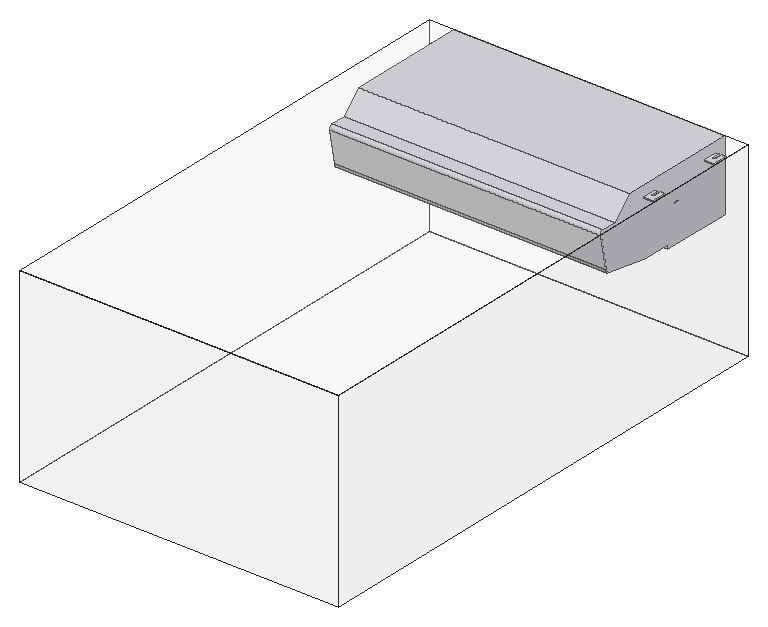
Revit family "pcfy-mp80_140hm_50hz", category 機械設備, Revit 2019
Family settings
  丸型コネクタ寸法 = 直径を使用
  パーツ タイプ = 標準
  OmniClass 番号 = 23.75.10.24.21.27.27
  OmniClass タイトル = Split System Air Conditioning Units
  作業面ベース = いいえ
  常に垂直 = はい
  ロード時にボイドで切り取り = いいえ
  共有 = いいえ
  部屋計算ポイント = はい
Parameters (values of type "PCFY-MP80HM")
  風量_強 (m3/min) = 19
  風量_弱 (m3/min) = 14
  風量_中2 (m3/min) = 16
  風量_中 (m3/min) = 17
  風量 = MAX風量  # 1140.0 m³/h
  音響パワーレベル(dB) = 57
  電源種別 = ""
  電源_H = 0 mm
  電圧 = 200 V
  電動機出力_送風機 = 0.09 kW
  運転質量 = 0.00 kg
  連動 = ""
  質量 = if(製品質量 > 運転質量, 製品質量, 運転質量) * 1.2  # 46.80 kg
  負荷分類 = 3_ファン類
  構成品番 = ""
  冷媒液管位置 = 180 mm
  冷媒ガス管位置 = 202 mm
  ドレン管径 (外径) = 32 mm
  【値が 0 の項目は組合せ形名にてご確認ください】 = ""
  MIN風量 = [風量_弱 (m3/min)] * 60.0 m³/h  # 840.0 m³/h
  MAX風量 = [風量_強 (m3/min)] * 60.0 m³/h  # 1140.0 m³/h
  サービススペース = yes
  ケーブルサイズ = 0 mm
  Version = ""
  URL = "https://www.mitsubishielectric.co.jp/ldg/wink/qr/002/357217/"
  Line = not(Width = 1136 mm)  # no
  説明 = "ビル用マルチ 天吊形室内機(厨房用)"
  設計暖房能力 = 0.00 kW
  設計冷房能力_顕熱 = 0 kW
  設計冷房能力 = 0 kW
  設置方法 = "天井吊（露出）形"
  記号 = ""
  製造元 = "三菱電機株式会社"
  製品質量 = 39.00 kg
  製品出荷対象 = "国内"
  製品リリース年月 = "2026/03/31"
  製品グループ = ""
  系統 = ""
  符号 = "ACP_CRK"
  積算_科目 = "1 空気調和設備"
  積算_拾い区分 [instance] = ""
  相 = 1
  盤記号 = ""
  発停方法 = "別売リモコン"
  特殊仕様 = ""
  火災停止 = ""
  消費電力_暖房 = 0.05 kW
  消費電力_冷房 = 0.05 kW
  消費電力 = if(消費電力_冷房 > 消費電力_暖房, 消費電力_冷房, 消費電力_暖房)  # 0.05 kW
  法定耐用年数 = "6"
  極数 = 3
  材質 = ""
  本体マテリアル = none
  有効加湿量 = 0
  暖房能力 = 9.00 kW
  推奨ブレーカー容量 = 0 A
  形式_加湿器 = ""
  形式 = "厨房用天井吊（露出）形"
  幹線記号 = ""
  始動方式 = "インバータ"
  呼称 = "マルチパッケージ形空気調和機_屋内機"
  周波数 = 50 Hz
  吊り位置Y = 320 mm
  吊り位置X = 1180 mm
  吊りボルト_H = 43 mm
  台数_手元リモコン = ""
  台数_冷媒分岐ユニット = ""
  参照している仕様書等のバージョン = "公共建築工事標準仕様書（機械設備工事編）平成31年度版"
  加湿給水管径 = 0.00 mm
  分類コード = "50053003221080"
  分類グループ = ""
  冷房能力 = 8 kW
  冷媒高低圧ガス管径 = 0.00 mm
  冷媒管径符号 = "Bd"
  冷媒管径 = 100.00 mm
  冷媒液管高さ = 165 mm
  冷媒液管径 = 9.52 mm
  冷媒ガス管高さ = 165 mm
  冷媒ガス管径 = 15.88 mm
  企業コード = "108420"
  付属品_フィルター = ""
  付属品 = ""
  モデル = "PCFY-MP80HM"
  パネルマテリアル = none
  ドレン管高さ = 254 mm
  ドレン管径 = 25.00 mm
  コメント [instance] = ""
  ケーブル種類 = ""
  Width = 1136 mm
  Uniclass2015Version = "Systems v1.9"
  Uniclass2015Title = "Split coil remote air cooled condensing units"
  Uniclass2015Code = "Pr_70_65_03_84"
  SpecificationReference = ""
  SpecificationDescription = ""
  S_H = 296 mm
  Revision = ""
  ProductInformation = ""
  OmniClassCode = "23-33 17 13 11"
  IfcTypeProduct = ""
  IfcProduct = ""
  IfcExportType = "AIRCONDITIONINGUNIT"
  IfcExportAs = "IfcUnitaryEquipmentType"
  Height = 312 mm
  Depth = 650 mm
  価格 = 0
  Clearance Top = 2 mm
  Clearance Right = 100 mm
  Clearance Left = 100 mm
  Clearance Front = 1500 mm
  Clearance Bottom = 500 mm
  Clearance Back = 0 mm
  BLCJ仕様バージョン = "2.0"
  Author = "三菱電機株式会社"
Types (2, lengths in mm): name | 風量_強 (m3/min) | 風量_弱 (m3/min) | 風量_中2 (m3/min) | 風量_中 (m3/min) | 風量 | 音響パワーレベル(dB) | 電動機出力_送風機 | 質量 | MIN風量 | MAX風量 | URL | Line | 製品質量 | 消費電力_暖房 | 消費電力_冷房 | 消費電力 | 暖房能力 | 吊り位置X | 冷房能力 | モデル | Width
  PCFY-MP80HM | 19 | 14 | 16 | 17 | 1140.0 m³/h | 57 | 0.09 kW | 46.80 kg | 840.0 m³/h | 1140.0 m³/h | "https://www.mitsubishielectric.co.jp/ldg/wink/qr/002/357217/" | no | 39.00 kg | 0.05 kW | 0.05 kW | 0.05 kW | 9.00 kW | 1180 | 8 kW | "PCFY-MP80HM" | 1136
  PCFY-MP140HM | 38 | 28 | 31 | 35 | 2280.0 m³/h | 69 | 0.16 kW | 62.40 kg | 1680.0 m³/h | 2280.0 m³/h | "https://www.mitsubishielectric.co.jp/ldg/wink/qr/002/357214/" | yes | 52.00 kg | 0.19 kW | 0.19 kW | 0.19 kW | 16.00 kW | 1564 | 14 kW | "PCFY-MP140HM" | 1520
Reference planes
  plane 1 "中心(正面/背面)": y = 0
  plane 2: z = 0
  plane 3 "中心(左/右)": x = 0
  plane 4: x = 523
  plane 5: z = 3835
  plane 6: x = 438
  plane 7: z = 3835
  plane 8: x = 463
  plane 9: z = 3746
  plane 10: x = 668
  plane 11: x = 568
  plane 12: x = -668
  plane 13: x = -568
  plane 14: y = -650
  plane 15: z = -280
  plane 16: y = -2150
  plane 17: x = -590
  plane 18: x = 590
  plane 19: z = -796
  plane 20 "下面": z = -296
  plane 21: x = 558.3
  plane 22: y = -80
  plane 23: y = -400
  plane 24: y = -330
  plane 25: y = -202
  plane 26: y = -180
  plane 27: y = -70
  plane 28: z = -43
  plane 29: z = -165
  plane 30: z = -254
  plane 31: x = 523
  plane 32: x = 438
  plane 33: x = 463
  plane 34: x = 463
  plane 35: z = 3746
  plane 36: z = 2
  plane 37: z = -95
  plane 38: z = -165
  plane 39: z = -312
Forms (mm)
  Extrusion 1, solid, detail levels fine
    sketch origin (0, -325, -4000) x (0, 1, 0) y (0, 0, 1)
      loop
        line (325, 4000) -> (-171.734, 4000) -> (-246.938, 3924.796) -> (-313.202, 3924.796)
        arc (-313.202, 3924.796) -> (-322.395, 3920.509) -> (-325.02, 3910.712) r 12
        line (-325.02, 3910.712) -> (-299.97, 3768.648)
        arc (-299.97, 3768.648) -> (-294.972, 3759.046) -> (-285.369, 3754.047) r 18
        line (-285.369, 3754.047) -> (-92.277, 3720) -> (30.069, 3720) -> (30.069, 3704) -> (325, 3704) -> (325, 4000)
    from -568 to 568
  Extrusion 2, solid, detail levels fine
    sketch origin (0, 0, 0) x (0, 0, -1) y (-1, 0, 0)
      loop
        circle (166.005, -523) r 7.94
    from -325 to -197
  Extrusion 3, solid, detail levels fine
    sketch origin (0, 0, 0) x (0, 0, -1) y (-1, 0, 0)
      loop
        circle (166.005, -438) r 4.76
    from -180 to -325
  Extrusion 4, solid, detail levels fine
    sketch origin (0, 0, 0) x (0, 0, -1) y (-1, 0, 0)
      loop
        circle (255.005, -463) r 16
    from -70 to -325
  Extrusion 5, solid, detail levels fine
    sketch origin (0, 0, -4000) x (1, 0, 0) y (0, 1, 0)
      loop
        line (568, -370) -> (568, -430) -> (612, -430) -> (612, -370) -> (595, -370) -> (595, -400)
        arc (595, -400) -> (590, -405) -> (585, -400) r 5
        line (585, -400) -> (585, -370) -> (568, -370)
    from 3954.5 to 3959.5
  Extrusion 6, solid, detail levels fine
    sketch origin (0, 320, -4000) x (1, 0, 0) y (0, 1, 0)
      loop
        line (568, -370) -> (568, -430) -> (612, -430) -> (612, -370) -> (595, -370) -> (595, -400)
        arc (595, -400) -> (590, -405) -> (585, -400) r 5
        line (585, -400) -> (585, -370) -> (568, -370)
    from 3954.5 to 3959.5
  Extrusion 7, solid, detail levels fine
    sketch origin (-1180, 0, -4000) x (1, 0, 0) y (0, 1, 0)
      loop
        line (568, -370) -> (568, -430) -> (612, -430) -> (612, -370) -> (595, -370) -> (595, -400)
        arc (595, -400) -> (590, -405) -> (585, -400) r 5
        line (585, -400) -> (585, -370) -> (568, -370)
    from 3954.5 to 3959.5
  Extrusion 8, solid, detail levels fine
    sketch origin (-1180, 320, -4000) x (1, 0, 0) y (0, 1, 0)
      loop
        line (568, -370) -> (568, -430) -> (612, -430) -> (612, -370) -> (595, -370) -> (595, -400)
        arc (595, -400) -> (590, -405) -> (585, -400) r 5
        line (585, -400) -> (585, -370) -> (568, -370)
    from 3954.5 to 3959.5
  Extrusion 9, solid, detail levels fine
    sketch origin (-3.482, 0, 0) x (1, 0, 0) y (0, 0, 1)
      loop
        circle (483.982, -165) r 50
    from 0 to 5
  Extrusion 10, solid, detail levels fine
    sketch origin (0, 160, 0) x (0, 0, -1) y (-1, 0, 0)
      loop
        circle (254.005, -463) r 16
    from -290 to -160
  Extrusion 11, solid
    sketch origin (0, 0, -296) x (-1, 0, 0) y (0, -1, 0)
      loop
        circle (-192, 243) r 12.5
    from 0 to -16
  Extrusion 12, solid
    sketch origin (-384, 0, -296) x (-1, 0, 0) y (0, -1, 0)
      loop
        circle (-192, 243) r 12.5
    from 0 to -16
Lines and regions (mm)
  model lines, detail levels fine
    curve 1: line (-493, -647.647, -102.744) -> (-493, -628.546, -211.073)
    curve 2: line (493, -647.647, -102.744) -> (493, -628.546, -211.073)
    curve 3: line (-493, -647.647, -102.744) -> (493, -647.647, -102.744)
    curve 4: line (493, -628.546, -211.073) -> (-493, -628.546, -211.073)
Dimensions and locks
  equal spacing: plane 13, plane 3 "中心(左/右)", plane 11
  "Width": plane 13 to plane 11
  "Clearance Right": plane 11 to plane 10
  "Clearance Left": plane 12 to plane 13
  "Depth": plane 14 to plane 1 "中心(正面/背面)"
  "Clearance Front": plane 16 to plane 14
  equal spacing: plane 17, plane 3 "中心(左/右)", plane 18
  "吊り位置X": plane 17 to plane 18
  "S_H": level to plane 20 "下面"
  locked: plane 21 to plane 11 at 9.7
  locked: plane 22 to plane 1 "中心(正面/背面)" at 80
  "吊り位置Y": plane 22 to plane 23
  "冷媒液管位置": plane 26 to plane 1 "中心(正面/背面)"  (x2)
  "冷媒ガス管位置": plane 25 to plane 1 "中心(正面/背面)"  (x2)
  plane 24 to plane 25 = 128 mm
  plane 24 to plane 26 = 150 mm
  "Clearance Bottom": plane 20 "下面" to plane 19
  "吊りボルト_H": level to plane 28
  level to plane 29 = 165 mm
  level to plane 30 = 254 mm
  plane 31 to plane 11 = 45 mm
  plane 32 to plane 31 = 85 mm
  plane 33 to plane 11 = 105 mm
  "Clearance Back": plane 1 "中心(正面/背面)" to nested 1
  equal spacing: plane 32, Extrusion 9 sketch curve, plane 31
  "Clearance Top": plane 36 to plane 2
  "冷媒ガス管高さ": plane 2 to plane 29
  "冷媒液管高さ": Extrusion 1 to plane 38
  "Height": plane 2 to plane 39
  "冷媒液管径": diameter of Extrusion 3 sketch curve
  "冷媒ガス管径": diameter of Extrusion 2 sketch curve
  "ドレン管径 (外径)": diameter of Extrusion 4 sketch curve
  "ドレン管径 (外径)": diameter of Extrusion 10 sketch curve
  aligned and locked: level to plane 2
  aligned and locked: plane 11 to Extrusion 1
  aligned and locked: plane 13 to Extrusion 1
  aligned and locked: plane 12 to nested 1
  aligned and locked: nested 1 to plane 10
  aligned and locked: plane 17 to nested 2
  aligned and locked: nested 2 to plane 18
  aligned and locked: plane 20 "下面" to Extrusion 1
  aligned and locked: plane 21 to nested 3
  aligned and locked: nested 1 to plane 16
  aligned and locked: plane 22 to nested 2
  aligned and locked: plane 23 to nested 2
  aligned and locked: plane 1 "中心(正面/背面)" to nested 1
  aligned and locked: plane 36 to nested 1
  aligned and locked: plane 26 to Extrusion 3
  aligned and locked: plane 19 to nested 1
  aligned and locked: Extrusion 1 to nested 3
Automatic sketch dimensions
  Extrusion 1 sketch curve to level = 0 mm
  Extrusion 1 sketch curve to plane 15 = 0 mm
  Extrusion 1 sketch curve to plane 20 "下面" = 0 mm
  Extrusion 1 sketch curve to plane 1 "中心(正面/背面)" = 0 mm
  plane 24 to Extrusion 1 sketch curve = 35.069 mm
  Extrusion 1 sketch curve to plane 23 = 17.277 mm
  Extrusion 1 sketch curve to plane 23 = 96.734 mm
  plane 37 to Extrusion 1 sketch curve = 19.796 mm
  plane 14 to Extrusion 1 sketch curve = 78.062 mm
  plane 14 to Extrusion 1 sketch curve = 42.756 mm
  plane 30 to Extrusion 1 sketch curve = 8.047 mm
  Extrusion 1 sketch curve to Extrusion 1 sketch curve = 3.126 mm
  Extrusion 1 sketch curve to Extrusion 1 sketch curve = 17.727 mm
  plane 14 to Extrusion 1 sketch curve = 11.798 mm
  Extrusion 1 sketch curve to plane 14 = 0.02 mm
  Extrusion 1 sketch curve to Extrusion 1 sketch curve = 14.601 mm
  plane 37 to Extrusion 1 sketch curve = 5.712 mm
  Extrusion 1 to curve 3 = 13.664 mm
  curve 2 to Extrusion 1 = 20.591 mm
  Extrusion 1 to curve 1 = 75 mm
  Extrusion 1 to curve 3 = 75 mm
  Extrusion 5 sketch curve to plane 11 = 0 mm
  Extrusion 5 sketch curve to plane 23 = 0 mm
  Extrusion 5 sketch curve to plane 18 = 0 mm
  plane 18 to Extrusion 5 sketch curve = 5 mm
  Extrusion 5 sketch curve to plane 18 = 22 mm
  Extrusion 5 sketch curve to plane 23 = 30 mm
  plane 23 to Extrusion 5 sketch curve = 30 mm
  Extrusion 5 sketch curve to Extrusion 5 sketch curve = 0 mm
  Extrusion 6 sketch curve to plane 11 = 0 mm
  Extrusion 6 sketch curve to plane 22 = 0 mm
  Extrusion 6 sketch curve to plane 18 = 0 mm
  plane 18 to Extrusion 6 sketch curve = 5 mm
  Extrusion 6 sketch curve to plane 18 = 22 mm
  Extrusion 6 sketch curve to plane 22 = 30 mm
  plane 27 to Extrusion 6 sketch curve = 20 mm
  Extrusion 6 sketch curve to Extrusion 6 sketch curve = 0 mm
  Extrusion 7 sketch curve to plane 23 = 0 mm
  Extrusion 7 sketch curve to plane 17 = 0 mm
  Extrusion 7 sketch curve to plane 13 = 0 mm
  Extrusion 7 sketch curve to plane 17 = 5 mm
  Extrusion 7 sketch curve to plane 17 = 22 mm
  Extrusion 7 sketch curve to plane 23 = 30 mm
  plane 23 to Extrusion 7 sketch curve = 30 mm
  Extrusion 7 sketch curve to Extrusion 7 sketch curve = 0 mm
  Extrusion 8 sketch curve to plane 22 = 0 mm
  Extrusion 8 sketch curve to plane 17 = 0 mm
  Extrusion 8 sketch curve to plane 13 = 0 mm
  Extrusion 8 sketch curve to plane 17 = 5 mm
  Extrusion 8 sketch curve to plane 17 = 22 mm
  Extrusion 8 sketch curve to plane 22 = 30 mm
  plane 27 to Extrusion 8 sketch curve = 20 mm
  Extrusion 8 sketch curve to Extrusion 8 sketch curve = 0 mm
  Extrusion 9 sketch curve to plane 29 = 0 mm
  Extrusion 12 sketch curve to plane 3 "中心(左/右)" = 192 mm
  plane 3 "中心(左/右)" to Extrusion 11 sketch curve = 192 mm
  Extrusion 11 sketch curve to plane 25 = 41 mm
  Extrusion 12 sketch curve to plane 25 = 41 mm
  Extrusion 1 to Extrusion 2 sketch curve = 45 mm
  Extrusion 2 sketch curve to Extrusion 1 = 129.995 mm
  Extrusion 3 sketch curve to Extrusion 1 = 129.995 mm
  Extrusion 1 to Extrusion 3 sketch curve = 130 mm
  Extrusion 4 sketch curve to Extrusion 1 = 40.995 mm
  Extrusion 1 to Extrusion 4 sketch curve = 105 mm
  plane 33 to Extrusion 10 sketch curve = 0 mm
  Extrusion 10 sketch curve to plane 30 = 0.005 mm
  radius of Extrusion 9 sketch curve = 50 mm
  radius of Extrusion 11 sketch curve = 12.5 mm
  radius of Extrusion 12 sketch curve = 12.5 mm
Nested families
  nested 1: "サービススペース" at (0, -1075, -397), visible <- "サービススペース", type "サービススペース"
    with Width 1336 mm, Height 798 mm, Depth 2150 mm
  nested 2: "固定点" at (-590, -400, 0), type "固定点"
    with W 1180 mm, D 320 mm
  nested 3: "吸込口" at (-192, 0, -4000), Width <- "Width", type "吸込口"
    with Width 1136 mm, Line no
Connectors
  piping at (480.5, 0, -165), diameter 100, driven by "冷媒管径", driven by "冷媒管径符号"
    settings: on Extrusion 9, index 1, connector inside diameter 609.60 mm, connector length 0 mm, flow factor 0, pipe flow 0.0 L/s, pressure drop 0.0 Pa, fitting loss kfactor 0, connector angle 0.00°, fixture units 0, engagement length 0 mm, angle of deflection 0.00°, flow configuration 1, flow direction 1, fitting loss method 4, system type 7, joint type 0, gender type 0, connector reference index -1, connector utility 0, adjustable connector no, is connector primary yes, connector description "Bd"
  piping at (463, -130, -254.005), diameter 32, driven by "ドレン管径 (外径)"
    settings: on Extrusion 10, index 2, connector inside diameter 609.60 mm, connector length 0 mm, flow factor 0, pipe flow 0.0 L/s, pressure drop 0.0 Pa, fitting loss kfactor 0, connector angle 0.00°, fixture units 0, engagement length 0 mm, angle of deflection 0.00°, flow configuration 1, flow direction 2, fitting loss method 4, system type 16, joint type 0, gender type 0, connector reference index -1, connector utility 0, adjustable connector no, is connector primary no, connector description ""
  electrical at (0, 0, -148), driven by "極数", driven by "負荷分類", driven by "電圧", driven by "消費電力"
    settings: on Extrusion 1, index 3, voltage 200 V, apparent load 50 VA, apparent load phase1 0 VA, apparent load phase2 0 VA, apparent load phase3 0 VA, power factor 1, load classification "3_ファン類", number of poles 3, system type 30, power factor state 1, is connector primary yes, connector utility no, sub classification motor no, connector description ""
Definition of nested family "サービススペース"
  Parameters (values of type "サービススペース")
    Width [instance] = 500 mm
    Height [instance] = 500 mm
    Depth [instance] = 500 mm
  Reference planes
    plane 1 "中心(正面/背面)": y = 0
    plane 2: z = 0
    plane 3 "中心(左/右)": x = 0
    plane 4: y = -250
    plane 5: x = 250
    plane 6: y = 250
    plane 7: x = -250
    plane 8: z = 250
    plane 9: z = -250
  Forms (mm)
    Extrusion 1, solid
      sketch origin (-638.939, 0, 72.39) x (1, 0, 0) y (0, 1, 0)
        loop
          line (388.939, 250) -> (388.939, -250) -> (888.939, -250) -> (888.939, 250) -> (388.939, 250)
      from -322.39 to 177.61
  Lines and regions (mm)
    symbolic lines
      curve 1: line (-250, 0, 250) -> (250, 0, 250)
      curve 2: line (-250, 0, -250) -> (-250, 0, 250)
      curve 3: line (250, 0, -250) -> (-250, 0, -250)
      curve 4: line (250, 0, 250) -> (250, 0, -250)
      curve 5: line (0, -250, 250) -> (0, 250, 250)
      curve 6: line (0, -250, -250) -> (0, -250, 250)
      curve 7: line (0, 250, -250) -> (0, -250, -250)
      curve 8: line (0, 250, 250) -> (0, 250, -250)
      curve 9: line (-250, 250, 0) -> (250, 250, 0)
      curve 10: line (-250, -250, 0) -> (-250, 250, 0)
      curve 11: line (250, -250, 0) -> (-250, -250, 0)
      curve 12: line (250, 250, 0) -> (250, -250, 0)
  Dimensions and locks
    equal spacing: plane 7, plane 3 "中心(左/右)", plane 5
    equal spacing: plane 4, plane 1 "中心(正面/背面)", plane 6
    "Depth": plane 4 to plane 6
    "Width": plane 7 to plane 5
    equal spacing: plane 8, plane 2, plane 9
    "Height": plane 8 to plane 9
    aligned and locked: plane 9 to curve 3
    aligned and locked: plane 7 to curve 2
    aligned and locked: curve 4 to plane 5
    aligned and locked: plane 5 to Extrusion 1
    aligned and locked: Extrusion 1 to plane 7
    aligned and locked: Extrusion 1 to plane 9
    aligned and locked: plane 8 to Extrusion 1
    aligned and locked: plane 9 to curve 7
  Automatic sketch dimensions
    plane 4 to Extrusion 1 sketch curve = 0 mm
    Extrusion 1 sketch curve to plane 7 = 0 mm
    Extrusion 1 sketch curve to plane 5 = 0 mm
    plane 6 to Extrusion 1 sketch curve = 0 mm
    curve 2 to plane 8 = 0 mm
    plane 4 to curve 11 = 0 mm
    curve 11 to plane 7 = 0 mm
    curve 11 to plane 5 = 0 mm
    plane 6 to curve 10 = 0 mm
    curve 7 to plane 4 = 0 mm
    curve 7 to plane 6 = 0 mm
    curve 6 to plane 8 = 0 mm
Definition of nested family "固定点"
  Parameters (values of type "固定点")
    中心円 = 20 mm
    W [instance] = 1000 mm
    D [instance] = 1000 mm
  Reference planes
    plane 1 "中心(正面/背面)": y = 0
    plane 2: z = 0
    plane 3 "中心(左/右)": x = 0
    plane 4: x = 1000
    plane 5: y = 1000
  Lines and regions (mm)
    symbolic lines, detail levels fine
      curve 1: circle (0, 1000, 0) r 10 normal (0, 0, 1)
      curve 2: circle (0, 0, 0) r 10 normal (0, 0, 1)
      curve 3: circle (1000, 1000, 0) r 10 normal (0, 0, 1)
      curve 4: circle (1000, 0, 0) r 10 normal (0, 0, 1)
      curve 5: line (-200, 1000, 0) -> (1200, 1000, 0)
      curve 6: line (-200, 0, 0) -> (1200, 0, 0)
      curve 7: line (0, 1200, 0) -> (0, -200, 0)
      curve 8: line (1000, 1200, 0) -> (1000, -200, 0)
  Dimensions and locks
    "W": plane 3 "中心(左/右)" to plane 4
    "D": plane 1 "中心(正面/背面)" to plane 5
    "中心円": diameter of curve 1
    "中心円": diameter of curve 2
    "中心円": diameter of curve 3
    "中心円": diameter of curve 4
    aligned and locked: level to plane 2
    aligned and locked: plane 5 to curve 1
    aligned and locked: plane 3 "中心(左/右)" to curve 1
    aligned and locked: plane 3 "中心(左/右)" to curve 2
    aligned and locked: plane 1 "中心(正面/背面)" to curve 2
    aligned and locked: plane 4 to curve 3
    aligned and locked: plane 5 to curve 3
    aligned and locked: plane 1 "中心(正面/背面)" to curve 4
    aligned and locked: plane 4 to curve 4
    aligned and locked: plane 1 "中心(正面/背面)" to curve 6
    aligned and locked: curve 7 to plane 3 "中心(左/右)"
    aligned and locked: curve 8 to plane 4
  Automatic sketch dimensions
    curve 5 to plane 5 = 0 mm
    curve 6 to plane 3 "中心(左/右)" = 200 mm
    curve 5 to plane 3 "中心(左/右)" = 200 mm
    curve 4 to curve 6 = 200 mm
    curve 3 to curve 5 = 200 mm
    plane 1 "中心(正面/背面)" to curve 8 = 200 mm
    plane 1 "中心(正面/背面)" to curve 7 = 200 mm
    curve 3 to curve 8 = 200 mm
    curve 1 to curve 7 = 200 mm
Definition of nested family "吸込口"
  Parameters (values of type "吸込口")
    Width [instance] = 1136 mm
    Line [instance] = not(Width = 1136 mm)  # no
  Reference planes
    plane 1 "Center (Front/Back)": y = 0
    plane 2: z = 0
    plane 3 "Center (Left/Right)": x = 0
  Lines and regions (mm)
    model lines, visible <- "Line", detail levels fine
      curve 1: line (-376.3, -289.931, 3705) -> (-376.3, 0, 3705)
      curve 12: line (-391.3, 0, 3705) -> (-391.3, -289.931, 3705)
      curve 13: line (-750.3, -274.931, 3705) -> (-750.3, -15, 3705)
      curve 14: line (-401.3, -15, 3705) -> (-401.3, -274.931, 3705)
      curve 15: line (-750.3, -15, 3705) -> (-401.3, -15, 3705)
      curve 16: line (-401.3, -274.931, 3705) -> (-750.3, -274.931, 3705)
      curve 17: line (-750.3, -54.429, 3705) -> (-595.903, -274.931, 3705)
      curve 18: line (-401.3, -55, 3705) -> (-555.297, -274.931, 3705)
      curve 19: line (-750.3, -235.571, 3705) -> (-595.854, -15, 3705)
      curve 20: line (-401.3, -235, 3705) -> (-555.346, -15, 3705)
      curve 21: line (-750.3, -274.931, 3705) -> (-750.3, -15, 3705)
      curve 40: line (750.3, -274.931, 3705) -> (750.3, -15, 3705)
    model lines, detail levels fine
      curve 2: line (-7.7, 0, 3705) -> (-7.7, -289.931, 3705)
      curve 3: line (-366.3, -274.931, 3705) -> (-366.3, -15, 3705)
      curve 4: line (-17.7, -15, 3705) -> (-17.7, -274.931, 3705)
      curve 5: line (-366.3, -15, 3705) -> (-17.7, -15, 3705)
      curve 6: line (-17.7, -274.931, 3705) -> (-366.3, -274.931, 3705)
      curve 7: line (-366.3, -55, 3705) -> (-212.303, -274.931, 3705)
      curve 8: line (-17.7, -55, 3705) -> (-171.697, -274.931, 3705)
      curve 9: line (-366.3, -235, 3705) -> (-212.254, -15, 3705)
      curve 10: line (-17.7, -235, 3705) -> (-171.746, -15, 3705)
      curve 11: line (7.3, -289.931, 3705) -> (7.3, 0, 3705)
      curve 22: line (376.3, -289.931, 3705) -> (376.3, 0, 3705)
      curve 23: line (366.3, -274.931, 3705) -> (366.3, -15, 3705)
      curve 24: line (17.7, -15, 3705) -> (17.7, -274.931, 3705)
      curve 25: line (366.3, -15, 3705) -> (17.7, -15, 3705)
      curve 26: line (17.7, -274.931, 3705) -> (366.3, -274.931, 3705)
      curve 27: line (366.3, -55, 3705) -> (212.303, -274.931, 3705)
      curve 28: line (17.7, -55, 3705) -> (171.697, -274.931, 3705)
      curve 29: line (366.3, -235, 3705) -> (212.254, -15, 3705)
      curve 30: line (17.7, -235, 3705) -> (171.746, -15, 3705)
      curve 31: line (391.3, 0, 3705) -> (391.3, -289.931, 3705)
      curve 32: line (750.3, -274.931, 3705) -> (750.3, -15, 3705)
      curve 33: line (401.3, -15, 3705) -> (401.3, -274.931, 3705)
      curve 34: line (750.3, -15, 3705) -> (401.3, -15, 3705)
      curve 35: line (401.3, -274.931, 3705) -> (750.3, -274.931, 3705)
      curve 36: line (750.3, -54.429, 3705) -> (595.903, -274.931, 3705)
      curve 37: line (401.3, -55, 3705) -> (555.297, -274.931, 3705)
      curve 38: line (750.3, -235.571, 3705) -> (595.854, -15, 3705)
      curve 39: line (401.3, -235, 3705) -> (555.346, -15, 3705)
  Dimensions and locks
    aligned and locked: level to plane 2
